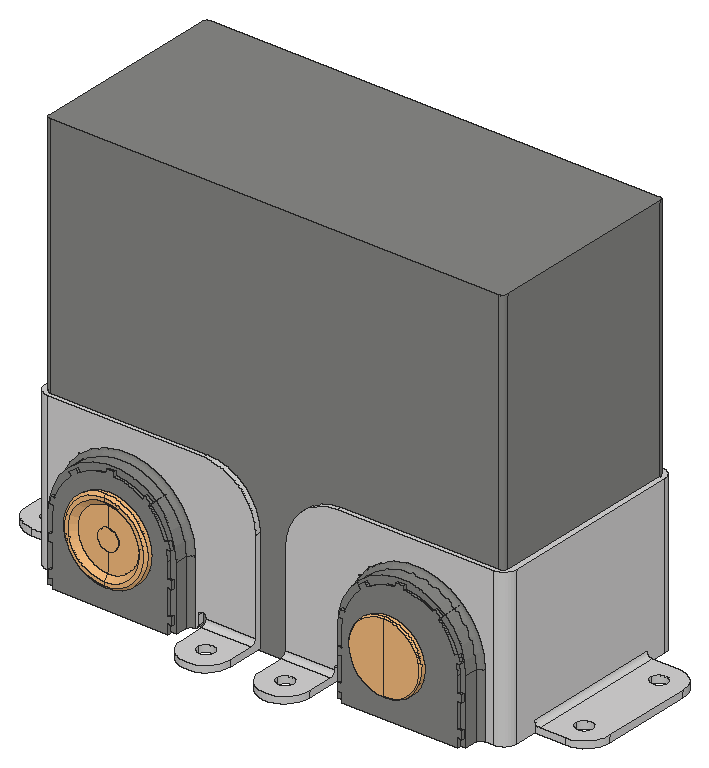
Revit family "Valve-One_Outlet_Thermostatic-KOHLER-26339W_1", category Plumbing Fixtures, host Face, Revit 2017
Family settings
  Host = Face
  Round Connector Dimension = Use Diameter
  Part Type = Normal
  OmniClass Number = 23.27.31.00
  OmniClass Title = Valves
  Cut with Voids When Loaded = No
  Shared = No
  Room Calculation Point = No
Parameters (values of type "NA-Not Applicable")
  Width = 8 215/256"  # constant formula
  WaterSense Certified = 1 = 0  # no
  Waste Connection = 1 = 0  # no
  Vent Connection = 1 = 0  # no
  Tempered Water Outlet Down [instance] = not(Tempered Water Outlet Up)  # no
  Tempered Water Outlet = "Tempered Water Outlet"  # constant formula
  URL = "https://www.kohler.co.uk/"
  Type = 1
  Product Page URL = ""
  Product Name = ""
  Product Documentation Link = ""
  Pressure = 0.00 psi
  Model = "26339W-NA"  # constant formula
  Material = "Plastic"  # constant formula
  Master Format 2014 Name = "Control Valves"  # constant formula
  Master Format 2014 = "23 09 13.33"  # constant formula
  Manufacturer Address = "Cromwell Road, Cheltenham, Gloucestershire. GL52 5EP Registered in England No. 252115\r\n"  # constant formula
  Manufacturer = "KOHLER Co."  # constant formula
  Length = 6 13/128"  # constant formula
  Hot Water Inlet = "Hot Water Inlet"  # constant formula
  Height = 4 113/128"  # constant formula
  HW Connection = 1 = 1  # yes
  Tempered Water Outlet Up [instance] = yes
  Flow Rate = 1.75 GPM  # constant formula
  Finish = Kohler-Plastic-58-Thunder_Grey
  Environmental Product Declaration = ""
  Description = "Recessed thermostatic valve-1-outlet"  # constant formula
  Default Elevation = 42"
  Declare Label = ""
  Date Modified = "02/12/2021"  # constant formula
  Date Created = "02/12/2021"  # constant formula
  Copyright = "Copyright KOHLER Co."  # constant formula
  Contact Us = "https://www.kohler.co.uk/support/contact/"
  Cold Water Inlet = "Cold Water Inlet"  # constant formula
  CW Connection = 1 = 1  # yes
  Assembly Code = "D2020"
  ADA Compliant = 1 = 0  # no
Reference planes (in)
  plane 1 "Center (Front/Back)": y = 0
  plane 2: z = 0
  plane 3 "Center (Left/Right)": x = 0
  plane 4: x = -4.41929
  plane 5: x = 4.42055
  plane 6: y = 2.44094
  plane 7: y = -2.44188
  plane 8: x = -2.20961
  plane 9: x = 2.01772
  plane 10: y = 1.98819
  plane 11: y = -1.98819
  plane 12: z = -5.21654
  plane 13: z = -5.11811
  plane 14: z = -6.10156
  plane 15: y = 2.06693
  plane 16: y = -2.06693
  plane 17: y = 0.70866
  plane 18: y = -0.70866
  plane 19: x = -0.59055
  plane 20: x = 0.59055
  plane 21: x = -4.03543
  plane 22: x = 4.03543
Forms (in)
  Extrusion 1, void
    sketch origin (0, 0, 0) x (1, 0, 0) y (0, 1, 0)
      loop
        line (-3.57283, -1.59449) -> (3.57283, -1.59449) -> (3.57283, 1.59449) -> (-3.57283, 1.59449) -> (-3.57283, -1.59449)
    from -6.10236 to 0.83394
  Extrusion 2, void
    sketch origin (0, 0, 0) x (1, 0, 0) y (0, 1, 0)
      loop
        line (-4.41929, 2.44094) -> (-4.41929, -2.44094) -> (4.41929, -2.44094) -> (4.41929, 2.44094) -> (-4.41929, 2.44094)
    from -6.10236 to -3.72047
Dimensions and locks (in)
  plane 8 to plane 9 = 4.22733"
  "Length": level to plane 14
  locked: plane 13 to plane 14 at 0.98345
  locked: plane 12 to plane 14 at 0.88503
  "Width": plane 4 to plane 5
  "Height": plane 6 to plane 7
  plane 15 to plane 16 = 4.13386"
  locked: plane 17 to plane 18 at 1.41732
  locked: plane 20 to plane 19 at 1.1811
  locked: plane 22 to plane 21 at 8.07087
  aligned and locked: plane 2 to host face
  aligned and locked: level to host face
Automatic sketch dimensions
  host sketch curve to host sketch curve = 96"  (x2)
  Extrusion 1 sketch curve to plane 4 = 0.84646"
  plane 10 to Extrusion 1 sketch curve = 0.3937"
  plane 11 to Extrusion 1 sketch curve = 0.3937"
  Extrusion 1 sketch curve to plane 5 = 0.84772"
  plane 6 to Extrusion 2 sketch curve = 0"
  plane 7 to Extrusion 2 sketch curve = 0.00094"
  Extrusion 2 sketch curve to plane 4 = 0"
  Extrusion 2 sketch curve to plane 5 = 0.00126"
Nested families (in)
  nested 1: "26339W" at (0, 0, -6.10236), type "26339W"
Connectors (in)
  piping at (-2.20961, 1.90938, -5.11811), diameter 0.75, driven by "Flow Rate", driven by "HW Connection", driven by "Hot Water Inlet"
    settings: on nested 1, index 1, connector inside diameter 24", connector length 0", flow factor 0, pipe flow 1.75 GPM, pressure drop 0.00 psi, fitting loss kfactor 0, connector angle 0.00°, fixture units 0, engagement length 0", angle of deflection 0.00°, flow configuration 1, flow direction 1, fitting loss method 0, system type 19, joint type 0, gender type 0, connector reference index -1, connector utility 1, adjustable connector no, is connector primary yes, connector description "Hot Water Inlet"
  piping at (-2.20961, -1.90938, -5.11811), diameter 0.75, driven by "Flow Rate", driven by "CW Connection", driven by "Cold Water Inlet"
    settings: on nested 1, index 2, connector inside diameter 24", connector length 0", flow factor 0, pipe flow 1.75 GPM, pressure drop 0.00 psi, fitting loss kfactor 0, connector angle 0.00°, fixture units 0, engagement length 0", angle of deflection 0.00°, flow configuration 1, flow direction 1, fitting loss method 0, system type 20, joint type 0, gender type 0, connector reference index -1, connector utility 1, adjustable connector no, is connector primary no, connector description "Cold Water Inlet"
  piping at (2.01772, 1.9685, -5.21654), diameter 0.5, driven by "Flow Rate", driven by "HW Connection", driven by "Tempered Water Outlet"
    settings: on nested 1, index 3, connector inside diameter 24", connector length 0", flow factor 0, pipe flow 1.75 GPM, pressure drop 0.00 psi, fitting loss kfactor 0, connector angle 0.00°, fixture units 0, engagement length 0", angle of deflection 0.00°, flow configuration 1, flow direction 2, fitting loss method 0, system type 19, joint type 0, gender type 0, connector reference index -1, connector utility 1, adjustable connector no, is connector primary no, connector description "Tempered Water Outlet"
Definition of nested family "26339W"
  Parameters (values of type "K-26339")
    Top Connector1 = yes
    Material = none
    Down Connector1 = not(Top Connector1)  # no
    Connector distance = if(Top Connector1, 0", 3.18898")  # 0"
    C1 Angel = if(Top Connector1, 180.00°, 0.00°)  # 180.00°
  Reference planes (in)
    plane 1 "Center (Front/Back)": y = 0
    plane 2: z = 0
    plane 3 "Center (Left/Right)": x = 0
    plane 4: x = -4.41929
    plane 5: x = 4.41929
    plane 6: y = 2.44094
    plane 7: y = -2.44094
    plane 8: z = 6.10236
    plane 9 "2": x = 2.01772
    plane 10 "1": x = -2.20961
    plane 11: z = 0.98425
    plane 12 "A": z = 0.88583
    plane 13: y = 1.98819
    plane 14: y = -1.98819
    plane 15: y = 0.70866
    plane 16: y = -0.70866
    plane 17: x = -0.60039
    plane 18: x = 0.60039
    plane 19: y = 1.59449
    plane 20: y = -1.59449
    plane 21 "C1": y = 1.59449
    plane 22: z = 0
  Forms (in)
    Extrusion 1, solid, material <- "Material", detail levels medium+fine
      sketch origin (0, 0, 0) x (1, 0, 0) y (0, 1, 0)
        loop
          line (3.39567, 1.51575) -> (-3.39567, 1.51575)
          arc (-3.39567, 1.51575) -> (-3.45135, 1.49269) -> (-3.47441, 1.43701) r 0.07874
          line (-3.47441, 1.43701) -> (-3.47441, -1.43701)
          arc (-3.47441, -1.43701) -> (-3.45135, -1.49269) -> (-3.39567, -1.51575) r 0.07874
          line (-3.39567, -1.51575) -> (3.39567, -1.51575)
          arc (3.39567, -1.51575) -> (3.45135, -1.49269) -> (3.47441, -1.43701) r 0.07874
          line (3.47441, -1.43701) -> (3.47441, 1.43701)
          arc (3.47441, 1.43701) -> (3.45135, 1.49269) -> (3.39567, 1.51575) r 0.07874
      from 0 to 6.10236
    Extrusion 2, solid, detail levels medium+fine
      sketch origin (0, 0, 0) x (1, 0, 0) y (0, 0, 1)
        loop
          line (-1.01378, 2.38189) -> (-3.57283, 2.38189) -> (-3.57283, 0.01969) -> (-1.1437, 0.01969)
          arc (-1.1437, 0.01969) -> (-1.10751, 0.03468) -> (-1.09252, 0.07087) r 0.05118
          line (-1.09252, 0.07087) -> (-1.09252, 0.2165)
          arc (-1.09252, 0.2165) -> (-1.03346, 0.27556) -> (-0.97441, 0.2165) r 0.05906
          line (-0.97441, 0.2165) -> (-0.97441, 0.01969) -> (-0.22638, 0.01969) -> (-0.22638, 1.59449)
          arc (-0.22638, 1.59449) -> (-0.457, 2.15127) -> (-1.01378, 2.38189) r 0.7874
        loop
          arc (1.01378, 2.38189) -> (0.457, 2.15127) -> (0.22638, 1.59449) r 0.7874
          line (0.22638, 1.59449) -> (0.22638, 0.01969) -> (0.97441, 0.01969) -> (0.97441, 0.2165)
          arc (0.97441, 0.2165) -> (1.03346, 0.27556) -> (1.09252, 0.2165) r 0.05906
          line (1.09252, 0.2165) -> (1.09252, 0.07087)
          arc (1.09252, 0.07087) -> (1.10751, 0.03468) -> (1.1437, 0.01969) r 0.05118
          line (1.1437, 0.01969) -> (3.57283, 0.01969) -> (3.57283, 2.38189) -> (1.01378, 2.38189)
      from -1.59449 to 1.59449
    Sweep 3, void
      path in 3D
        loop
          line (-3.57283, -1.59449, 2.38189) -> (-3.57283, -1.59449, 0.01969)
      profile origin (-3.57283, -1.59449, 1.20079) x (-1, 0, 0) y (0, -1, 0)
        loop
          line (0, -0.19685) -> (0, 0) -> (-0.19685, 0)
          arc (-0.19685, 0) -> (-0.05766, -0.05766) -> (0, -0.19685) r 0.19685
    Sweep 4, void
      path in 3D
        loop
          line (-3.57283, 1.59449, 2.38189) -> (-3.57283, 1.59449, 0.01969)
      profile origin (-3.57283, 1.59449, 1.20079) x (-1, 0, 0) y (0, -1, 0)
        loop
          arc (0, 0.19685) -> (-0.05766, 0.05766) -> (-0.19685, 0) r 0.19685
          line (-0.19685, 0) -> (0, 0) -> (0, 0.19685)
    Sweep 5, void
      path in 3D
        loop
          line (3.57283, -1.59449, 2.38189) -> (3.57283, -1.59449, 0.01969)
      profile origin (3.57283, -1.59449, 1.20079) x (1, 0, 0) y (0, 1, 0)
        loop
          arc (0, 0.19685) -> (-0.05766, 0.05766) -> (-0.19685, 0) r 0.19685
          line (-0.19685, 0) -> (0, 0) -> (0, 0.19685)
    Sweep 6, void
      path in 3D
        loop
          line (3.57283, 1.59449, 2.38189) -> (3.57283, 1.59449, 0.01969)
      profile origin (3.57283, 1.59449, 1.20079) x (1, 0, 0) y (0, 1, 0)
        loop
          line (0, -0.19685) -> (0, 0) -> (-0.19685, 0)
          arc (-0.19685, 0) -> (-0.05766, -0.05766) -> (0, -0.19685) r 0.19685
    Extrusion 7, solid, detail levels medium+fine
      sketch origin (0, 0, 0) x (1, 0, 0) y (0, 1, 0)
        loop
          line (-3.57283, 1.06299) -> (-4.04528, 1.06299)
          arc (-4.04528, 1.06299) -> (-4.30974, 0.95345) -> (-4.41929, 0.68898) r 0.37402
          line (-4.41929, 0.68898) -> (-4.41929, -0.68898)
          arc (-4.41929, -0.68898) -> (-4.30974, -0.95345) -> (-4.04528, -1.06299) r 0.37402
          line (-4.04528, -1.06299) -> (-3.57283, -1.06299) -> (-3.57283, 1.06299)
        loop
          line (3.57283, 1.06299) -> (3.57283, -1.06299) -> (4.04528, -1.06299)
          arc (4.04528, -1.06299) -> (4.30974, -0.95345) -> (4.41929, -0.68898) r 0.37402
          line (4.41929, -0.68898) -> (4.41929, 0.68898)
          arc (4.41929, 0.68898) -> (4.30974, 0.95345) -> (4.04528, 1.06299) r 0.37402
          line (4.04528, 1.06299) -> (3.57283, 1.06299)
        loop
          circle (-4.04528, 0.70866) r 0.12598
        loop
          circle (-4.04528, -0.70866) r 0.12598
        loop
          circle (4.04528, 0.70866) r 0.12598
        loop
          circle (4.04528, -0.70866) r 0.12598
        loop
          arc (-0.9744, -2.06693) -> (-0.60039, -2.44094) -> (-0.22639, -2.06693) r 0.37401
          line (-0.22639, -2.06693) -> (-0.22639, -1.59449) -> (-0.9744, -1.59449) -> (-0.9744, -2.06693)
        loop
          line (0.9744, -2.06693) -> (0.9744, -1.59449) -> (0.22639, -1.59449) -> (0.22639, -2.06693)
          arc (0.22639, -2.06693) -> (0.60039, -2.44094) -> (0.9744, -2.06693) r 0.37401
        loop
          line (-0.9744, 2.06693) -> (-0.9744, 1.59449) -> (-0.22639, 1.59449) -> (-0.22639, 2.06693)
          arc (-0.22639, 2.06693) -> (-0.60039, 2.44094) -> (-0.9744, 2.06693) r 0.37401
        loop
          arc (0.9744, 2.06693) -> (0.60039, 2.44094) -> (0.22639, 2.06693) r 0.37401
          line (0.22639, 2.06693) -> (0.22639, 1.59449) -> (0.9744, 1.59449) -> (0.9744, 2.06693)
        loop
          circle (-0.60039, -2.06693) r 0.12598
        loop
          circle (0.60039, -2.06693) r 0.12598
        loop
          circle (-0.60039, 2.06693) r 0.12598
        loop
          circle (0.60039, 2.06693) r 0.12598
      from 0.01969 to 0.11811
    Extrusion 8, solid, material <- "Material", detail levels medium+fine
      sketch origin (0, 0, 0) x (1, 0, 0) y (0, 0, 1)
        loop
          line (-1.22047, 0.01969) -> (-1.22047, 0.98689)
          arc (-1.22047, 0.98689) -> (-2.19488, 1.9613) -> (-3.16929, 0.98689) r 0.97441
          line (-3.16929, 0.98689) -> (-3.16929, 0.01969) -> (-1.22047, 0.01969)
        loop
          line (1.22047, 0.99085) -> (1.22047, 0.01969) -> (3.16929, 0.01969) -> (3.16929, 0.99085)
          arc (3.16929, 0.99085) -> (2.19488, 1.96526) -> (1.22047, 0.99085) r 0.97441
      from -1.85039 to 1.85039
    Extrusion 9, solid, material <- "Material", detail levels medium+fine
      sketch origin (0, 0, 0) x (1, 0, 0) y (0, 0, 1)
        loop
          line (-3.07087, 0.62992) -> (-3.07087, 0.25591) -> (-3.12992, 0.25591) -> (-3.12992, 0.1378) -> (-3.07087, 0.1378) -> (-3.07087, 0) -> (-1.3189, 0) -> (-1.3189, 0.1378) -> (-1.25984, 0.1378) -> (-1.25984, 0.25591) -> (-1.3189, 0.25591) -> (-1.3189, 0.62992) -> (-1.25984, 0.62992) -> (-1.25984, 0.74803) -> (-1.3189, 0.74803) -> (-1.3189, 0.98425)
          arc (-1.3189, 0.98425) -> (-1.32232, 1.06162) -> (-1.33257, 1.13839) r 0.87598
          line (-1.33257, 1.13839) -> (-1.27514, 1.15271) -> (-1.30372, 1.26731) -> (-1.36114, 1.25299)
          arc (-1.36114, 1.25299) -> (-1.46022, 1.46135) -> (-1.61026, 1.63661) r 0.87598
          line (-1.61026, 1.63661) -> (-1.57383, 1.68324) -> (-1.6669, 1.75596) -> (-1.70334, 1.70932)
          arc (-1.70334, 1.70932) -> (-1.90969, 1.81251) -> (-2.13583, 1.85824) r 0.87598
          line (-2.13583, 1.85824) -> (-2.13583, 1.91742) -> (-2.25394, 1.91742) -> (-2.25394, 1.85824)
          arc (-2.25394, 1.85824) -> (-2.48007, 1.81251) -> (-2.68643, 1.70932) r 0.87598
          line (-2.68643, 1.70932) -> (-2.72286, 1.75596) -> (-2.81594, 1.68324) -> (-2.7795, 1.63661)
          arc (-2.7795, 1.63661) -> (-2.92954, 1.46135) -> (-3.02863, 1.25299) r 0.87598
          line (-3.02863, 1.25299) -> (-3.08605, 1.26731) -> (-3.11462, 1.15271) -> (-3.0572, 1.13839)
          arc (-3.0572, 1.13839) -> (-3.06744, 1.06162) -> (-3.07087, 0.98425) r 0.87598
          line (-3.07087, 0.98425) -> (-3.07087, 0.74803) -> (-3.12992, 0.74803) -> (-3.12992, 0.62992) -> (-3.07087, 0.62992)
        loop
          line (1.3189, 0.62992) -> (1.3189, 0.25591) -> (1.25984, 0.25591) -> (1.25984, 0.1378) -> (1.3189, 0.1378) -> (1.3189, 0) -> (3.07087, 0) -> (3.07087, 0.1378) -> (3.12992, 0.1378) -> (3.12992, 0.25591) -> (3.07087, 0.25591) -> (3.07087, 0.62992) -> (3.12992, 0.62992) -> (3.12992, 0.74803) -> (3.07087, 0.74803) -> (3.07087, 0.98425)
          arc (3.07087, 0.98425) -> (3.06744, 1.06162) -> (3.0572, 1.13839) r 0.87598
          line (3.0572, 1.13839) -> (3.11462, 1.15271) -> (3.08605, 1.26731) -> (3.02863, 1.25299)
          arc (3.02863, 1.25299) -> (2.92954, 1.46135) -> (2.7795, 1.63661) r 0.87598
          line (2.7795, 1.63661) -> (2.81594, 1.68324) -> (2.72286, 1.75596) -> (2.68643, 1.70932)
          arc (2.68643, 1.70932) -> (2.48007, 1.81251) -> (2.25394, 1.85824) r 0.87598
          line (2.25394, 1.85824) -> (2.25394, 1.91742) -> (2.13583, 1.91742) -> (2.13583, 1.85824)
          arc (2.13583, 1.85824) -> (1.90969, 1.81251) -> (1.70334, 1.70932) r 0.87598
          line (1.70334, 1.70932) -> (1.6669, 1.75596) -> (1.57383, 1.68324) -> (1.61026, 1.63661)
          arc (1.61026, 1.63661) -> (1.46022, 1.46135) -> (1.36114, 1.25299) r 0.87598
          line (1.36114, 1.25299) -> (1.30372, 1.26731) -> (1.27514, 1.15271) -> (1.33257, 1.13839)
          arc (1.33257, 1.13839) -> (1.32232, 1.06162) -> (1.3189, 0.98425) r 0.87598
          line (1.3189, 0.98425) -> (1.3189, 0.74803) -> (1.25984, 0.74803) -> (1.25984, 0.62992) -> (1.3189, 0.62992)
        loop
          circle (-2.20961, 0.98425) r 0.54335
        loop
          circle (2.01772, 0.88583) r 0.41841
      from -1.92913 to 1.88976
    Revolve 10, solid, detail levels medium+fine
      sketch origin (-2.20961, 0, 0) x (0, 0, 1) y (0, -1, 0)
        loop
          line (1.5276, -1.98819) -> (1.58464, -1.98819) -> (1.62406, -1.94877) -> (1.62406, -1.51575) -> (0.98425, -1.51575) -> (0.98425, -1.90938) -> (1.44879, -1.90938) -> (1.5276, -1.98819)
        loop
          line (1.5276, 1.98819) -> (1.44879, 1.90938) -> (0.98425, 1.90938) -> (0.98425, 1.51575) -> (1.62406, 1.51575) -> (1.62406, 1.94877) -> (1.58464, 1.98819) -> (1.5276, 1.98819)
        axis (0.98425, -1.98819) -> (0.98425, 1.98819)
      angle from 0 to 360
    Revolve 11, solid, detail levels medium+fine
      sketch origin (2.01772, 0, 0) x (0, 0, -1) y (0, -1, 0)
        loop
          line (-1.43701, 1.94331) -> (-1.43701, 1.61417) -> (-0.88583, 1.61417) -> (-0.88583, 1.9685) -> (-1.41732, 1.9685) -> (-1.43701, 1.94331)
        loop
          line (-1.43701, -1.94331) -> (-1.41732, -1.9685) -> (-0.88583, -1.9685) -> (-0.88583, -1.61417) -> (-1.43701, -1.61417) -> (-1.43701, -1.94331)
        axis (-0.88583, 1.9685) -> (-0.88583, -1.9685)
      angle from 0 to 360
    Sweep 12, solid, material <- "Material", detail levels medium+fine
      path in 3D
        loop
          line (1.22047, -1.59449, 0.01969) -> (1.22047, -1.59449, 0.99085)
          arc (1.22047, -1.59449, 0.99085) -> (2.19488, -1.59449, 1.96526) -> (3.16929, -1.59449, 0.99085) r 0.97441
          line (3.16929, -1.59449, 0.99085) -> (3.16929, -1.59449, 0.01969)
      profile origin (1.22047, -1.59449, 0.50527) x (0, 1, 0) y (-1, 0, 0)
        loop
          line (-0.07874, 0) -> (0, 0) -> (0, 0.07874)
          arc (0, 0.07874) -> (-0.02306, 0.02306) -> (-0.07874, 0) r 0.07874
    Sweep 13, solid, material <- "Material", detail levels medium+fine
      path in 3D
        loop
          line (1.22047, 1.59449, 0.01969) -> (1.22047, 1.59449, 0.99085)
          arc (1.22047, 1.59449, 0.99085) -> (2.19488, 1.59449, 1.96526) -> (3.16929, 1.59449, 0.99085) r 0.97441
          line (3.16929, 1.59449, 0.99085) -> (3.16929, 1.59449, 0.01969)
      profile origin (1.22047, 1.59449, 0.50527) x (0, 1, 0) y (-1, 0, 0)
        loop
          arc (0.07874, 0) -> (0.02306, 0.02306) -> (0, 0.07874) r 0.07874
          line (0, 0.07874) -> (0, 0) -> (0.07874, 0)
    Sweep 14, solid, material <- "Material", detail levels medium+fine
      path in 3D
        loop
          line (-3.16929, -1.59449, 0.01969) -> (-3.16929, -1.59449, 0.99085)
          arc (-3.16929, -1.59449, 0.99085) -> (-2.19488, -1.59449, 1.96526) -> (-1.22047, -1.59449, 0.99085) r 0.97441
          line (-1.22047, -1.59449, 0.99085) -> (-1.22047, -1.59449, 0.01969)
      profile origin (-3.16929, -1.59449, 0.50527) x (0, 1, 0) y (-1, 0, 0)
        loop
          line (-0.07874, 0) -> (0, 0) -> (0, 0.07874)
          arc (0, 0.07874) -> (-0.02306, 0.02306) -> (-0.07874, 0) r 0.07874
    Sweep 15, solid, material <- "Material", detail levels medium+fine
      path in 3D
        loop
          line (-3.16929, 1.59449, 0.01969) -> (-3.16929, 1.59449, 0.99085)
          arc (-3.16929, 1.59449, 0.99085) -> (-2.19488, 1.59449, 1.96526) -> (-1.22047, 1.59449, 0.99085) r 0.97441
          line (-1.22047, 1.59449, 0.99085) -> (-1.22047, 1.59449, 0.01969)
      profile origin (-3.16929, 1.59449, 0.50527) x (0, 1, 0) y (-1, 0, 0)
        loop
          arc (0.07874, 0) -> (0.02306, 0.02306) -> (0, 0.07874) r 0.07874
          line (0, 0.07874) -> (0, 0) -> (0.07874, 0)
    Extrusion 16, void
      sketch origin (0, 0, 0) x (1, 0, 0) y (0, 1, 0)
        loop
          line (3.39567, 1.51575) -> (-3.39567, 1.51575)
          arc (-3.39567, 1.51575) -> (-3.45135, 1.49269) -> (-3.47441, 1.43701) r 0.07874
          line (-3.47441, 1.43701) -> (-3.47441, -1.43701)
          arc (-3.47441, -1.43701) -> (-3.45135, -1.49269) -> (-3.39567, -1.51575) r 0.07874
          line (-3.39567, -1.51575) -> (3.39567, -1.51575)
          arc (3.39567, -1.51575) -> (3.45135, -1.49269) -> (3.47441, -1.43701) r 0.07874
          line (3.47441, -1.43701) -> (3.47441, 1.43701)
          arc (3.47441, 1.43701) -> (3.45135, 1.49269) -> (3.39567, 1.51575) r 0.07874
      from -0.47445 to 7.6998
    Extrusion 17, solid, detail levels medium+fine
      sketch origin (0, 0, 0) x (1, 0, 0) y (0, 0, 1)
        loop
          line (-3.57283, 0.11811) -> (-3.57283, 0.19685)
          arc (-3.57283, 0.19685) -> (-3.5959, 0.14117) -> (-3.65157, 0.11811) r 0.07874
          line (-3.65157, 0.11811) -> (-3.57283, 0.11811)
        loop
          line (3.57283, 0.11811) -> (3.65157, 0.11811)
          arc (3.65157, 0.11811) -> (3.5959, 0.14117) -> (3.57283, 0.19685) r 0.07874
          line (3.57283, 0.19685) -> (3.57283, 0.11811)
      from -1.06299 to 1.06299
    Extrusion 18, solid, detail levels medium+fine
      sketch origin (0, 0, 0) x (0, 1, 0) y (0, 0, 1)
        loop
          line (-1.67323, 0.11811) -> (-1.59449, 0.11811) -> (-1.59449, 0.19685)
          arc (-1.59449, 0.19685) -> (-1.61755, 0.14117) -> (-1.67323, 0.11811) r 0.07874
        loop
          arc (1.67323, 0.11811) -> (1.61755, 0.14117) -> (1.59449, 0.19685) r 0.07874
          line (1.59449, 0.19685) -> (1.59449, 0.11811) -> (1.67323, 0.11811)
      from 0.22638 to 0.97441
    Extrusion 19, solid, detail levels medium+fine
      sketch origin (0, 0, 0) x (0, 1, 0) y (0, 0, 1)
        loop
          line (-1.67323, 0.11811) -> (-1.59449, 0.11811) -> (-1.59449, 0.19685)
          arc (-1.59449, 0.19685) -> (-1.61755, 0.14117) -> (-1.67323, 0.11811) r 0.07874
        loop
          arc (1.67323, 0.11811) -> (1.61755, 0.14117) -> (1.59449, 0.19685) r 0.07874
          line (1.59449, 0.19685) -> (1.59449, 0.11811) -> (1.67323, 0.11811)
      from -0.97441 to -0.22638
    Extrusion 20, solid, material <- "Material", detail levels coarse
      sketch origin (0, 0, 0) x (1, 0, 0) y (0, 1, 0)
        loop
          line (3.47441, 1.51575) -> (-3.47441, 1.51575) -> (-3.47441, -1.51575) -> (3.47441, -1.51575) -> (3.47441, 1.51575)
      from 0 to 6.10236
    Extrusion 21, solid, material <- "Material", detail levels coarse
      sketch origin (0, 0, 0) x (1, 0, 0) y (0, 0, 1)
        loop
          line (-1.3189, 0) -> (-1.3189, 0.9897)
          arc (-1.3189, 0.9897) -> (-2.19488, 1.86569) -> (-3.07087, 0.9897) r 0.87598
          line (-3.07087, 0.9897) -> (-3.07087, 0) -> (-1.3189, 0)
        loop
          line (3.07087, 0) -> (3.07087, 0.9897)
          arc (3.07087, 0.9897) -> (2.19488, 1.86569) -> (1.3189, 0.9897) r 0.87598
          line (1.3189, 0.9897) -> (1.3189, 0) -> (3.07087, 0)
      from -1.92913 to 1.88976
    Extrusion 22, solid, detail levels coarse
      sketch origin (0, 0, 0) x (1, 0, 0) y (0, 1, 0)
        loop
          line (3.57283, 1.59449) -> (0.22638, 1.59449) -> (0.22638, 1.51575) -> (3.47441, 1.51575) -> (3.47441, -1.51575) -> (0.22638, -1.51575) -> (0.22638, -1.59449) -> (3.57283, -1.59449) -> (3.57283, 1.59449)
        loop
          line (-3.57283, 1.59449) -> (-3.57283, -1.59449) -> (-0.22638, -1.59449) -> (-0.22638, -1.51575) -> (-3.47441, -1.51575) -> (-3.47441, 1.51575) -> (-0.22638, 1.51575) -> (-0.22638, 1.59449) -> (-3.57283, 1.59449)
      from 0 to 2.38189
    Extrusion 23, solid, detail levels coarse
      sketch origin (0, 0, 0) x (1, 0, 0) y (0, 1, 0)
        loop
          line (-4.41929, -1.06299) -> (-3.57283, -1.06299) -> (-3.57283, 1.06299) -> (-4.41929, 1.06299) -> (-4.41929, -1.06299)
        loop
          line (-0.97441, 1.59449) -> (-0.22638, 1.59449) -> (-0.22638, 2.44094) -> (-0.97441, 2.44094) -> (-0.97441, 1.59449)
        loop
          line (0.22638, 1.59449) -> (0.9744, 1.59449) -> (0.9744, 2.44094) -> (0.22638, 2.44094) -> (0.22638, 1.59449)
        loop
          line (-0.97441, -1.59449) -> (-0.97441, -2.44094) -> (-0.22638, -2.44094) -> (-0.22638, -1.59449) -> (-0.97441, -1.59449)
        loop
          line (0.22638, -1.59449) -> (0.22638, -2.44094) -> (0.9744, -2.44094) -> (0.9744, -1.59449) -> (0.22638, -1.59449)
        loop
          line (4.41929, -1.06299) -> (4.41929, 1.06299) -> (3.57283, 1.06299) -> (3.57283, -1.06299) -> (4.41929, -1.06299)
        loop
          circle (-4.04528, 0.70866) r 0.12598
        loop
          circle (-4.04528, -0.70866) r 0.12598
        loop
          circle (-0.60039, 2.06693) r 0.12598
        loop
          circle (0.60039, 2.06693) r 0.12598
        loop
          circle (4.04528, 0.70866) r 0.12598
        loop
          circle (4.04528, -0.70866) r 0.12598
        loop
          circle (-0.60039, -2.06693) r 0.12598
        loop
          circle (0.60039, -2.06693) r 0.12598
      from 0.01969 to 0.11811
    Extrusion 24, solid, detail levels medium+fine
      sketch origin (0, 0, 0) x (1, 0, 0) y (0, 0, 1)
        loop
          circle (-2.20961, 0.98425) r 0.15748
      from -1.90938 to 1.90938
    Extrusion 25, solid, detail levels coarse
      sketch origin (0, 0, 0) x (1, 0, 0) y (0, 0, 1)
        loop
          circle (-2.20961, 0.98425) r 0.63981
        loop
          circle (2.01772, 0.88583) r 0.55118
      from -1.98819 to 1.98819
    Revolve 26, solid, detail levels medium+fine
      sketch origin (2.01772, 1.59449, 0.88583) x (0, 1, 0) y (-1, 0, 0)
        loop
          line (0.37402, 0) -> (0.08362, 0) -> (0.08362, -0.11811) -> (0.37402, -0.11811) -> (0.37402, 0)
        axis (0.37402, 0) -> (0.08362, 0)
      angle from 0 to 360
  Cuts and joins
    Extrusion 16 cuts Extrusion 9
    joined: Extrusion 1, Extrusion 9
    joined: Revolve 10, Revolve 11
    joined: Sweep 12, Sweep 13, Sweep 14, Sweep 15
    Sweep 3, Sweep 4, Sweep 5, Sweep 6, Extrusion 16 cuts Extrusion 2
    joined: Extrusion 2, Extrusion 7, Extrusion 17, Extrusion 18, Extrusion 19
    joined: Extrusion 20, Extrusion 21
    joined: Extrusion 22, Extrusion 23
    Extrusion 16 cuts Extrusion 8
  Lines and regions (in)
    Masking region 1
      outline origin (0, 0, 0) x (1, 0, 0) y (0, 1, 0)
        loop
          line (-3.57283, 1.39764) -> (-3.57283, -0.07023) -> (-3.57283, -1.39764)
          arc (-3.57283, -1.39764) -> (-3.51518, -1.53683) -> (-3.37598, -1.59449) r 0.19685
          line (-3.37598, -1.59449) -> (3.37598, -1.59449)
          arc (3.37598, -1.59449) -> (3.51518, -1.53683) -> (3.57283, -1.39764) r 0.19685
          line (3.57283, -1.39764) -> (3.57283, 0.08348) -> (3.57283, 1.39764)
          arc (3.57283, 1.39764) -> (3.51518, 1.53683) -> (3.37598, 1.59449) r 0.19685
          line (3.37598, 1.59449) -> (0.06398, 1.59449) -> (-3.37598, 1.59449)
          arc (-3.37598, 1.59449) -> (-3.51518, 1.53683) -> (-3.57283, 1.39764) r 0.19685
    Masking region 2, detail levels medium+fine
      outline origin (0, 0, 0) x (1, 0, 0) y (0, 0, 1)
        loop
          line (-3.47441, 6.10236) -> (-3.47441, 2.38189) -> (-3.57283, 2.38189) -> (-3.57283, 0.19685)
          arc (-3.57283, 0.19685) -> (-3.5959, 0.14117) -> (-3.65157, 0.11811) r 0.07874
          line (-3.65157, 0.11811) -> (-4.41929, 0.11811) -> (-4.41929, 0.01969) -> (-3.50053, 0.01969) -> (-3.47441, 0) -> (3.47441, 0) -> (3.50053, 0.01969) -> (4.41929, 0.01969) -> (4.41929, 0.11811) -> (3.65157, 0.11811)
          arc (3.65157, 0.11811) -> (3.5959, 0.14117) -> (3.57283, 0.19685) r 0.07874
          line (3.57283, 0.19685) -> (3.57283, 2.38189) -> (3.47441, 2.38189) -> (3.47441, 6.10236) -> (-3.47441, 6.10236)
    Masking region 3
      outline origin (2.01772, 0, 0) x (0, 0, -1) y (0, -1, 0)
        loop
          line (-6.10236, -1.51575) -> (-2.38189, -1.51575) -> (-2.38189, -1.59449) -> (-2.044, -1.59449)
          arc (-2.044, -1.59449) -> (-1.98832, -1.61755) -> (-1.96526, -1.67323) r 0.07874
          line (-1.96526, -1.67323) -> (-1.96526, -1.85039) -> (-1.91742, -1.85039) -> (-1.91742, -1.92913) -> (-1.64369, -1.92913) -> (-1.58464, -1.98819) -> (-0.38387, -1.98819) -> (-0.35433, -1.9685) -> (-0.32357, -1.92913) -> (-0.11811, -1.92913) -> (-0.11811, -2.44094) -> (-0.01969, -2.44094) -> (-0.01969, -1.95526) -> (0, -1.92913) -> (0, 1.92913) -> (-0.01969, 1.95526) -> (-0.01969, 2.44094) -> (-0.11811, 2.44094) -> (-0.11811, 1.88976) -> (-0.33465, 1.88976) -> (-0.33465, 1.94331) -> (-0.38387, 1.98819) -> (-1.58464, 1.98819) -> (-1.62406, 1.94877) -> (-1.62406, 1.88976) -> (-1.91742, 1.88976) -> (-1.91742, 1.85039) -> (-1.96526, 1.85039) -> (-1.96526, 1.67323)
          arc (-1.96526, 1.67323) -> (-1.98832, 1.61755) -> (-2.044, 1.59449) r 0.07874
          line (-2.044, 1.59449) -> (-2.38189, 1.59449) -> (-2.38189, 1.51575) -> (-6.10236, 1.51575) -> (-6.10236, -1.51575)
    sketch lines
      curve 1: line (-3.57283, -1.59449, 2.38189) -> (-3.57283, -1.59449, 0.01969)
      curve 2: line (-3.57283, 1.59449, 2.38189) -> (-3.57283, 1.59449, 0.01969)
      curve 3: line (3.57283, -1.59449, 2.38189) -> (3.57283, -1.59449, 0.01969)
      curve 4: line (3.57283, 1.59449, 2.38189) -> (3.57283, 1.59449, 0.01969)
      curve 5: line (1.22047, -1.59449, 0.01969) -> (1.22047, -1.59449, 0.99085)
      curve 6: arc (3.16929, -1.59449, 0.99085) -> (2.19488, -1.59449, 1.96526) -> (1.22047, -1.59449, 0.99085) r 0.97441
      curve 7: line (3.16929, -1.59449, 0.99085) -> (3.16929, -1.59449, 0.01969)
      curve 8: line (1.22047, 1.59449, 0.01969) -> (1.22047, 1.59449, 0.99085)
      curve 9: arc (3.16929, 1.59449, 0.99085) -> (2.19488, 1.59449, 1.96526) -> (1.22047, 1.59449, 0.99085) r 0.97441
      curve 10: line (3.16929, 1.59449, 0.99085) -> (3.16929, 1.59449, 0.01969)
      curve 11: line (-3.16929, -1.59449, 0.01969) -> (-3.16929, -1.59449, 0.99085)
      curve 12: arc (-1.22047, -1.59449, 0.99085) -> (-2.19488, -1.59449, 1.96526) -> (-3.16929, -1.59449, 0.99085) r 0.97441
      curve 13: line (-1.22047, -1.59449, 0.99085) -> (-1.22047, -1.59449, 0.01969)
      curve 14: line (-3.16929, 1.59449, 0.01969) -> (-3.16929, 1.59449, 0.99085)
      curve 15: arc (-1.22047, 1.59449, 0.99085) -> (-2.19488, 1.59449, 1.96526) -> (-3.16929, 1.59449, 0.99085) r 0.97441
      curve 16: line (-1.22047, 1.59449, 0.99085) -> (-1.22047, 1.59449, 0.01969)
    symbolic lines, detail levels medium+fine
      curve 17: line (3.39567, 1.51575, 0) -> (-3.39567, 1.51575, 0)
      curve 18: arc (-3.39567, 1.51575, 0) -> (-3.45135, 1.49269, 0) -> (-3.47441, 1.43701, 0) r 0.07874
      curve 19: line (-3.47441, 1.43701, 0) -> (-3.47441, -1.43701, 0)
      curve 20: line (-3.39567, -1.51575, 0) -> (3.39567, -1.51575, 0)
      curve 21: line (3.47441, -1.43701, 0) -> (3.47441, 1.43701, 0)
      curve 22: arc (3.47441, 1.43701, 0) -> (3.45135, 1.49269, 0) -> (3.39567, 1.51575, 0) r 0.07874
      curve 23: line (-0.22638, 1.59449, 0) -> (-3.37598, 1.59449, 0)
      curve 24: line (0.22638, 1.59449, 0) -> (3.37598, 1.59449, 0)
      curve 25: line (3.57283, 1.39764, 0) -> (3.57283, -1.39764, 0)
      curve 26: line (3.37598, -1.59449, 0) -> (0.22638, -1.59449, 0)
      curve 27: line (-3.57283, 1.39764, 0) -> (-3.57283, -1.39764, 0)
      curve 28: line (-1.01378, 0, 2.38189) -> (-3.57283, 0, 2.38189)
      curve 29: arc (-0.22638, 0, 1.59449) -> (-0.457, 0, 2.15127) -> (-1.01378, 0, 2.38189) r 0.7874
      curve 30: line (-0.22638, 0, 0.01969) -> (-0.22638, 0, 1.59449)
      curve 31: arc (-1.09252, 0, 0.2165) -> (-1.03346, 0, 0.27556) -> (-0.97441, 0, 0.2165) r 0.05906
      curve 32: line (-0.97441, 0, 0.2165) -> (-0.97441, 0, 0.01969)
      curve 33: line (-1.09252, 0, 0.07087) -> (-1.09252, 0, 0.2165)
      curve 34: arc (-1.1437, 0, 0.01969) -> (-1.10751, 0, 0.03468) -> (-1.09252, 0, 0.07087) r 0.05118
      curve 35: line (-0.97441, 0, 0.01969) -> (-0.22638, 0, 0.01969)
      curve 36: line (-0.22638, 0, 0.11811) -> (-0.97441, 0, 0.11811)
      curve 37: line (-1.1437, 0, 0.01969) -> (-1.3189, 0, 0.01969)
      curve 38: line (-3.07087, 0, 0.01969) -> (-3.89598, 0, 0.01969)
      curve 39: arc (-2.20961, 0, 0.51971) -> (-2.67415, 0, 0.98425) -> (-2.20961, 0, 1.44879) r 0.46454
      curve 40: arc (-2.20961, 0, 0.4409) -> (-2.75296, 0, 0.98425) -> (-2.20961, 0, 1.5276) r 0.54335
      curve 41: arc (-2.20961, 0, 1.58464) -> (-2.81, 0, 0.98425) -> (-2.20961, 0, 0.38387) r 0.60038
      curve 42: arc (-2.20961, 0, 1.62406) -> (-2.84942, 0, 0.98425) -> (-2.20961, 0, 0.34445) r 0.63981
      curve 43: arc (-2.20961, 0, 0.34445) -> (-1.56981, 0, 0.98425) -> (-2.20961, 0, 1.62406) r 0.63981
      curve 44: arc (-2.20961, 0, 0.38387) -> (-1.60923, 0, 0.98425) -> (-2.20961, 0, 1.58464) r 0.60038
      curve 45: arc (-2.20961, 0, 1.5276) -> (-1.66627, 0, 0.98425) -> (-2.20961, 0, 0.4409) r 0.54335
      curve 46: arc (-2.20961, 0, 1.44879) -> (-1.74508, 0, 0.98425) -> (-2.20961, 0, 0.51971) r 0.46454
      curve 47: line (-3.07087, 0, 0.1378) -> (-3.07087, 0, 0)
      curve 48: line (-3.12992, 0, 0.1378) -> (-3.07087, 0, 0.1378)
      curve 49: line (-3.12992, 0, 0.25591) -> (-3.12992, 0, 0.1378)
      curve 50: line (-3.07087, 0, 0.25591) -> (-3.12992, 0, 0.25591)
      curve 51: line (-3.07087, 0, 0.62992) -> (-3.07087, 0, 0.25591)
      curve 52: line (-3.12992, 0, 0.62992) -> (-3.07087, 0, 0.62992)
      curve 53: line (-3.12992, 0, 0.74803) -> (-3.12992, 0, 0.62992)
      curve 54: line (-3.07087, 0, 0.74803) -> (-3.12992, 0, 0.74803)
      curve 55: line (-3.07087, 0, 0.98425) -> (-3.07087, 0, 0.74803)
      curve 56: arc (-3.0572, 0, 1.13839) -> (-3.06744, 0, 1.06162) -> (-3.07087, 0, 0.98425) r 0.87598
      curve 57: line (-3.08605, 0, 1.26731) -> (-3.11462, 0, 1.15271)
      curve 58: line (-3.02863, 0, 1.25299) -> (-3.08605, 0, 1.26731)
      curve 59: line (-3.11462, 0, 1.15271) -> (-3.0572, 0, 1.13839)
      curve 60: arc (-2.7795, 0, 1.63661) -> (-2.92954, 0, 1.46135) -> (-3.02863, 0, 1.25299) r 0.87598
      curve 61: line (-2.81594, 0, 1.68324) -> (-2.7795, 0, 1.63661)
      curve 62: line (-2.72286, 0, 1.75596) -> (-2.81594, 0, 1.68324)
      curve 63: line (-2.68643, 0, 1.70932) -> (-2.72286, 0, 1.75596)
      curve 64: arc (-2.25394, 0, 1.85824) -> (-2.48007, 0, 1.81251) -> (-2.68643, 0, 1.70932) r 0.87598
      curve 65: line (-2.25394, 0, 1.91742) -> (-2.25394, 0, 1.85824)
      curve 66: line (-2.13583, 0, 1.91742) -> (-2.25394, 0, 1.91742)
      curve 67: line (-2.13583, 0, 1.85824) -> (-2.13583, 0, 1.91742)
      curve 68: arc (-1.70334, 0, 1.70932) -> (-1.90969, 0, 1.81251) -> (-2.13583, 0, 1.85824) r 0.87598
      curve 69: line (-1.57383, 0, 1.68324) -> (-1.6669, 0, 1.75596)
      curve 70: line (-1.6669, 0, 1.75596) -> (-1.70334, 0, 1.70932)
      curve 71: line (-1.61026, 0, 1.63661) -> (-1.57383, 0, 1.68324)
      curve 72: arc (-1.36114, 0, 1.25299) -> (-1.46022, 0, 1.46135) -> (-1.61026, 0, 1.63661) r 0.87598
      curve 73: line (-1.33257, 0, 1.13839) -> (-1.27514, 0, 1.15271)
      curve 74: line (-1.27514, 0, 1.15271) -> (-1.30372, 0, 1.26731)
      curve 75: line (-1.30372, 0, 1.26731) -> (-1.36114, 0, 1.25299)
      curve 76: arc (-1.3189, 0, 0.98425) -> (-1.32232, 0, 1.06162) -> (-1.33257, 0, 1.13839) r 0.87598
      curve 77: line (-3.16929, 0, 0.98689) -> (-3.16929, 0, 0.01969)
      curve 78: line (-3.24803, 0, 0.99085) -> (-3.24803, 0, 0.01969)
      curve 79: arc (-3.24803, 0, 0.99085) -> (-2.19488, 0, 2.044) -> (-1.14173, 0, 0.99085) r 1.05315
      curve 80: arc (-1.22047, 0, 0.98689) -> (-2.19488, 0, 1.9613) -> (-3.16929, 0, 0.98689) r 0.97441
      curve 81: line (-3.57283, 0, 2.38189) -> (-3.57283, 0, 0.01969)
      curve 82: line (-1.3189, 0, 0.1378) -> (-1.3189, 0, 0)
      curve 83: line (-1.25984, 0, 0.1378) -> (-1.3189, 0, 0.1378)
      curve 84: line (-1.25984, 0, 0.25591) -> (-1.25984, 0, 0.1378)
      curve 85: line (-1.3189, 0, 0.25591) -> (-1.25984, 0, 0.25591)
      curve 86: line (-1.3189, 0, 0.62992) -> (-1.3189, 0, 0.25591)
      curve 87: line (-1.25984, 0, 0.62992) -> (-1.3189, 0, 0.62992)
      curve 88: line (-1.25984, 0, 0.74803) -> (-1.25984, 0, 0.62992)
      curve 89: line (-1.3189, 0, 0.74803) -> (-1.25984, 0, 0.74803)
      curve 90: line (-1.3189, 0, 0.98425) -> (-1.3189, 0, 0.74803)
      curve 91: line (-1.22047, 0, 0.98689) -> (-1.22047, 0, 0.01969)
      curve 92: line (-1.14173, 0, 0.99085) -> (-1.14173, 0, 0.01972)
      curve 93: line (1.01378, 0, 2.38189) -> (3.57283, 0, 2.38189)
      curve 94: arc (0.22638, 0, 1.59449) -> (0.457, 0, 2.15127) -> (1.01378, 0, 2.38189) r 0.7874
      curve 95: line (0.22638, 0, 0.01969) -> (0.22638, 0, 1.59449)
      curve 96: arc (1.09252, 0, 0.2165) -> (1.03346, 0, 0.27556) -> (0.97441, 0, 0.2165) r 0.05906
      curve 97: line (0.97441, 0, 0.2165) -> (0.97441, 0, 0.01969)
      curve 98: line (1.09252, 0, 0.07087) -> (1.09252, 0, 0.2165)
      curve 99: arc (1.1437, 0, 0.01969) -> (1.10751, 0, 0.03468) -> (1.09252, 0, 0.07087) r 0.05118
      curve 100: line (0.97441, 0, 0.01969) -> (0.22638, 0, 0.01969)
      curve 101: line (0.22638, 0, 0.11811) -> (0.97441, 0, 0.11811)
      curve 102: line (1.1437, 0, 0.01969) -> (1.3189, 0, 0.01969)
      curve 103: line (3.07087, 0, 0.01969) -> (3.89598, 0, 0.01969)
      curve 104: line (3.07087, 0, 0.1378) -> (3.07087, 0, 0)
      curve 105: line (3.12992, 0, 0.1378) -> (3.07087, 0, 0.1378)
      curve 106: line (3.12992, 0, 0.25591) -> (3.12992, 0, 0.1378)
      curve 107: line (3.07087, 0, 0.25591) -> (3.12992, 0, 0.25591)
      curve 108: line (3.07087, 0, 0.62992) -> (3.07087, 0, 0.25591)
      curve 109: line (3.12992, 0, 0.62992) -> (3.07087, 0, 0.62992)
      curve 110: line (3.12992, 0, 0.74803) -> (3.12992, 0, 0.62992)
      curve 111: line (3.07087, 0, 0.74803) -> (3.12992, 0, 0.74803)
      curve 112: line (3.07087, 0, 0.98425) -> (3.07087, 0, 0.74803)
      curve 113: arc (3.0572, 0, 1.13839) -> (3.06744, 0, 1.06162) -> (3.07087, 0, 0.98425) r 0.87598
      curve 114: line (3.08605, 0, 1.26731) -> (3.11462, 0, 1.15271)
      curve 115: line (3.02863, 0, 1.25299) -> (3.08605, 0, 1.26731)
      curve 116: line (3.11462, 0, 1.15271) -> (3.0572, 0, 1.13839)
      curve 117: arc (2.7795, 0, 1.63661) -> (2.92954, 0, 1.46135) -> (3.02863, 0, 1.25299) r 0.87598
      curve 118: line (2.81594, 0, 1.68324) -> (2.7795, 0, 1.63661)
      curve 119: line (2.72286, 0, 1.75596) -> (2.81594, 0, 1.68324)
      curve 120: line (2.68643, 0, 1.70932) -> (2.72286, 0, 1.75596)
      curve 121: arc (2.25394, 0, 1.85824) -> (2.48007, 0, 1.81251) -> (2.68643, 0, 1.70932) r 0.87598
      curve 122: line (2.25394, 0, 1.91742) -> (2.25394, 0, 1.85824)
      curve 123: line (2.13583, 0, 1.91742) -> (2.25394, 0, 1.91742)
      curve 124: line (2.13583, 0, 1.85824) -> (2.13583, 0, 1.91742)
      curve 125: arc (1.70334, 0, 1.70932) -> (1.90969, 0, 1.81251) -> (2.13583, 0, 1.85824) r 0.87598
      curve 126: line (1.57383, 0, 1.68324) -> (1.6669, 0, 1.75596)
      curve 127: line (1.6669, 0, 1.75596) -> (1.70334, 0, 1.70932)
      curve 128: line (1.61026, 0, 1.63661) -> (1.57383, 0, 1.68324)
      curve 129: arc (1.36114, 0, 1.25299) -> (1.46022, 0, 1.46135) -> (1.61026, 0, 1.63661) r 0.87598
      curve 130: line (1.33257, 0, 1.13839) -> (1.27514, 0, 1.15271)
      curve 131: line (1.27514, 0, 1.15271) -> (1.30372, 0, 1.26731)
      curve 132: line (1.30372, 0, 1.26731) -> (1.36114, 0, 1.25299)
      curve 133: arc (1.3189, 0, 0.98425) -> (1.32232, 0, 1.06162) -> (1.33257, 0, 1.13839) r 0.87598
      curve 134: line (3.16929, 0, 0.98689) -> (3.16929, 0, 0.01969)
      curve 135: line (3.24803, 0, 0.99085) -> (3.24803, 0, 0.01969)
      curve 136: arc (3.24803, 0, 0.99085) -> (2.19488, 0, 2.044) -> (1.14173, 0, 0.99085) r 1.05315
      curve 137: arc (1.22047, 0, 0.98689) -> (2.19488, 0, 1.9613) -> (3.16929, 0, 0.98689) r 0.97441
      curve 138: line (3.57283, 0, 2.38189) -> (3.57283, 0, 0.01969)
      curve 139: line (1.3189, 0, 0.1378) -> (1.3189, 0, 0)
      curve 140: line (1.25984, 0, 0.1378) -> (1.3189, 0, 0.1378)
      curve 141: line (1.25984, 0, 0.25591) -> (1.25984, 0, 0.1378)
      curve 142: line (1.3189, 0, 0.25591) -> (1.25984, 0, 0.25591)
      curve 143: line (1.3189, 0, 0.62992) -> (1.3189, 0, 0.25591)
      curve 144: line (1.25984, 0, 0.62992) -> (1.3189, 0, 0.62992)
      curve 145: line (1.25984, 0, 0.74803) -> (1.25984, 0, 0.62992)
      curve 146: line (1.3189, 0, 0.74803) -> (1.25984, 0, 0.74803)
      curve 147: line (1.3189, 0, 0.98425) -> (1.3189, 0, 0.74803)
      curve 148: line (1.22047, 0, 0.98689) -> (1.22047, 0, 0.01969)
      curve 149: line (1.14173, 0, 0.99085) -> (1.14173, 0, 0.01972)
      curve 150: arc (2.01772, 0, 1.43701) -> (2.5689, 0, 0.88583) -> (2.01772, 0, 0.33465) r 0.55118
      curve 151: arc (2.01772, 0, 0.35433) -> (2.54921, 0, 0.88583) -> (2.01772, 0, 1.41732) r 0.5315
      curve 152: arc (2.01772, 0, 0.46741) -> (2.43613, 0, 0.88583) -> (2.01772, 0, 1.30424) r 0.41841
      curve 153: arc (2.01772, 0, 0.52654) -> (2.37701, 0, 0.88583) -> (2.01772, 0, 1.24512) r 0.35929
      curve 154: arc (2.01772, 0, 1.24512) -> (1.65843, 0, 0.88583) -> (2.01772, 0, 0.52654) r 0.35929
      curve 155: arc (2.01772, 0, 1.30424) -> (1.5993, 0, 0.88583) -> (2.01772, 0, 0.46741) r 0.41841
      curve 156: arc (2.01772, 0, 1.41732) -> (1.48622, 0, 0.88583) -> (2.01772, 0, 0.35433) r 0.5315
      curve 157: arc (2.01772, 0, 0.33465) -> (1.46654, 0, 0.88583) -> (2.01772, 0, 1.43701) r 0.55118
      curve 158: line (-3.47441, 0, 5.72835) -> (3.47441, 0, 5.72835)
      curve 159: line (2.01772, 1.59449, 2.38189) -> (2.01772, -1.59449, 2.38189)
      curve 160: line (2.01772, 1.06299, 0.01969) -> (2.01772, 1.06299, 0.11811)
      curve 161: line (2.01772, 1.06299, 0.11811) -> (2.01772, -1.06299, 0.11811)
      curve 162: line (2.01772, -1.06299, 0.01969) -> (2.01772, -1.06299, 0.11811)
      curve 163: line (2.01772, 1.59449, 2.38189) -> (2.01772, 1.59449, 0.01969)
      curve 164: line (2.01772, 1.85039, 0.01969) -> (2.01772, 1.85039, 1.96526)
      curve 165: line (2.01772, 1.92913, 1.91742) -> (2.01772, 1.92913, 0)
      curve 166: line (2.01772, 1.85039, 0.01969) -> (2.01772, 0, 0.01969)
      curve 167: line (2.01772, 1.51575, 0) -> (2.01772, 1.54386, 0.01969)
      curve 168: line (2.01772, 1.92913, 0.1378) -> (2.01772, 1.85039, 0.1378)
      curve 169: line (2.01772, 1.92913, 0.25591) -> (2.01772, 1.85039, 0.25591)
      curve 170: line (2.01772, 1.92913, 0.62992) -> (2.01772, 1.85039, 0.62992)
      curve 171: line (2.01772, 1.92913, 0.74803) -> (2.01772, 1.85039, 0.74803)
      curve 172: line (2.01772, 1.92913, 1.13839) -> (2.01772, 1.85039, 1.13839)
      curve 173: line (2.01772, 1.92913, 1.15271) -> (2.01772, 1.85039, 1.15271)
      curve 174: line (2.01772, 1.92913, 1.26731) -> (2.01772, 1.85039, 1.26731)
      curve 175: line (2.01772, 1.92913, 1.63661) -> (2.01772, 1.85039, 1.63661)
      curve 176: line (2.01772, 1.92913, 1.68324) -> (2.01772, 1.85039, 1.68324)
      curve 177: line (2.01772, 1.92913, 1.75596) -> (2.01772, 1.85039, 1.75596)
      curve 178: line (2.01772, 1.94877, 1.62406) -> (2.01772, 1.94877, 0.33891)
      curve 179: line (2.01772, 1.94877, 0.34445) -> (2.01772, 1.98819, 0.38387)
      curve 180: line (2.01772, 1.51575, 5.84152) -> (2.01772, -1.51575, 5.84152)
      curve 181: line (2.01772, 2.10942, 0.01969) -> (2.01772, 1.92913, 0.01969)
      curve 182: line (2.01772, -1.59449, 2.38189) -> (2.01772, -1.59449, 0.01969)
      curve 183: line (2.01772, -1.85039, 0.01969) -> (2.01772, -1.85039, 1.96526)
      curve 184: line (2.01772, -1.88976, 1.91742) -> (2.01772, -1.88976, 0)
      curve 185: line (2.01772, -1.85039, 0.01969) -> (2.01772, 0, 0.01969)
      curve 186: line (2.01772, -1.51575, 0) -> (2.01772, -1.54386, 0.01969)
      curve 187: line (2.01772, -1.88976, 0.1378) -> (2.01772, -1.85039, 0.1378)
      curve 188: line (2.01772, -1.88976, 0.25591) -> (2.01772, -1.85039, 0.25591)
      curve 189: line (2.01772, -1.88976, 0.62992) -> (2.01772, -1.85039, 0.62992)
      curve 190: line (2.01772, -1.88976, 0.74803) -> (2.01772, -1.85039, 0.74803)
      curve 191: line (2.01772, -1.88976, 1.13839) -> (2.01772, -1.85039, 1.13839)
      curve 192: line (2.01772, -1.88976, 1.15271) -> (2.01772, -1.85039, 1.15271)
      curve 193: line (2.01772, -1.88976, 1.26731) -> (2.01772, -1.85039, 1.26731)
      curve 194: line (2.01772, -1.88976, 1.63661) -> (2.01772, -1.85039, 1.63661)
      curve 195: line (2.01772, -1.88976, 1.68324) -> (2.01772, -1.85039, 1.68324)
      curve 196: line (2.01772, -1.88976, 1.75596) -> (2.01772, -1.85039, 1.75596)
      curve 197: line (2.01772, -1.94877, 1.62406) -> (2.01772, -1.94877, 0.34445)
      curve 198: line (2.01772, -1.94877, 0.34445) -> (2.01772, -1.98819, 0.38387)
      curve 199: line (2.01772, -2.10942, 0.01969) -> (2.01772, -1.88976, 0.01969)
      curve 200: line (2.01772, -1.94877, 0.34445) -> (2.01772, -1.88976, 0.34445)
      curve 209: arc (-3.39567, -1.51575, 0) -> (-3.45135, -1.49269, 0) -> (-3.47441, -1.43701, 0) r 0.07874
      curve 210: arc (3.47441, -1.43701, 0) -> (3.45135, -1.49269, 0) -> (3.39567, -1.51575, 0) r 0.07874
    symbolic lines, detail levels coarse
      curve 201: line (-1.08118, 0, 4.88187) -> (1.08417, 0, 3.70077)
      curve 202: line (-1.08118, 0, 3.70077) -> (-1.08118, 0, 4.88187)
      curve 203: line (1.08417, 0, 4.88187) -> (-1.08118, 0, 3.70077)
      curve 204: line (1.08417, 0, 4.88187) -> (1.08417, 0, 3.70077)
      curve 205: line (0.00149, 0, 4.29132) -> (0.00149, 0, 3.2256)
      curve 206: line (-1.09837, 0, 3.2256) -> (1.06699, 0, 3.2256)
      curve 207: arc (-1.09837, 0, 3.2256) -> (-0.01569, 0, 2.46103) -> (1.06699, 0, 3.2256) r 1.14885
    reference lines
      curve 208: line (2.01772, 1.59449, 0.88583) -> (2.01772, 4.50236, 0.88583)
  Dimensions and locks (in)
    plane 4 to plane 5 = 8.83858"
    plane 8 to level = 6.10236"
    plane 6 to plane 7 = 4.88187"
    plane 13 to plane 14 = 3.97638"
    plane 15 to plane 16 = 1.41732"
    plane 17 to plane 18 = 1.20079"
    "Connector distance": plane 19 to plane 21 "C1"
    locked: Revolve 26 sketch curve to Revolve 26 sketch curve at 0.2904
    "C1 Angel": angle curve 208 to plane 9 "2"
    aligned and locked: plane 2 to level
    aligned and locked: plane 21 "C1" to curve 208
    aligned and locked: Revolve 26 sketch curve to curve 208
    aligned and locked: curve 208 to Revolve 26 sketch curve
  Automatic sketch dimensions
    curve 39 to curve 40 = 0"  (x2)
    curve 39 to curve 41 = 0"  (x2)
    curve 39 to curve 42 = 0"  (x2)
    curve 39 to curve 43 = 0"  (x2)
    curve 39 to curve 44 = 0"  (x2)
    curve 39 to curve 45 = 0"  (x2)
    curve 39 to curve 46 = 0"  (x2)
    curve 40 to curve 41 = 0"  (x2)
    curve 40 to curve 42 = 0"  (x2)
    curve 40 to curve 43 = 0"  (x2)
    curve 40 to curve 44 = 0"  (x2)
    curve 40 to curve 45 = 0"  (x2)
    curve 40 to curve 46 = 0"  (x2)
    curve 41 to curve 42 = 0"  (x2)
    curve 41 to curve 43 = 0"  (x2)
    curve 41 to curve 44 = 0"  (x2)
    curve 41 to curve 45 = 0"  (x2)
    curve 41 to curve 46 = 0"  (x2)
    curve 42 to curve 43 = 0"  (x2)
    curve 42 to curve 44 = 0"  (x2)
    curve 42 to curve 45 = 0"  (x2)
    curve 42 to curve 46 = 0"  (x2)
    curve 43 to curve 44 = 0"  (x2)
    curve 43 to curve 45 = 0"  (x2)
    curve 43 to curve 46 = 0"  (x2)
    curve 44 to curve 45 = 0"  (x2)
    curve 44 to curve 46 = 0"  (x2)
    curve 45 to curve 46 = 0"  (x2)
    curve 56 to curve 60 = 0"  (x2)
    curve 56 to curve 64 = 0"  (x2)
    curve 56 to curve 68 = 0"  (x2)
    curve 56 to curve 72 = 0"  (x2)
    curve 56 to curve 76 = 0"  (x2)
    curve 60 to curve 64 = 0"  (x2)
    curve 60 to curve 68 = 0"  (x2)
    curve 60 to curve 72 = 0"  (x2)
    curve 60 to curve 76 = 0"  (x2)
    curve 64 to curve 68 = 0"  (x2)
    curve 64 to curve 72 = 0"  (x2)
    curve 64 to curve 76 = 0"  (x2)
    curve 68 to curve 72 = 0"  (x2)
    curve 68 to curve 76 = 0"  (x2)
    curve 72 to curve 76 = 0"  (x2)
    curve 113 to curve 117 = 0"  (x2)
    curve 113 to curve 121 = 0"  (x2)
    curve 113 to curve 125 = 0"  (x2)
    curve 113 to curve 129 = 0"  (x2)
    curve 113 to curve 133 = 0"  (x2)
    curve 117 to curve 121 = 0"  (x2)
    curve 117 to curve 125 = 0"  (x2)
    curve 117 to curve 129 = 0"  (x2)
    curve 117 to curve 133 = 0"  (x2)
    curve 121 to curve 125 = 0"  (x2)
    curve 121 to curve 129 = 0"  (x2)
    curve 121 to curve 133 = 0"  (x2)
    curve 125 to curve 129 = 0"  (x2)
    curve 125 to curve 133 = 0"  (x2)
    curve 129 to curve 133 = 0"  (x2)
    curve 150 to curve 151 = 0"  (x2)
    curve 150 to curve 152 = 0"  (x2)
    curve 150 to curve 153 = 0"  (x2)
    curve 150 to curve 154 = 0"  (x2)
    curve 150 to curve 155 = 0"  (x2)
    curve 150 to curve 156 = 0"  (x2)
    curve 150 to curve 157 = 0"  (x2)
    curve 151 to curve 152 = 0"  (x2)
    curve 151 to curve 153 = 0"  (x2)
    curve 151 to curve 154 = 0"  (x2)
    curve 151 to curve 155 = 0"  (x2)
    curve 151 to curve 156 = 0"  (x2)
    curve 151 to curve 157 = 0"  (x2)
    curve 152 to curve 153 = 0"  (x2)
    curve 152 to curve 154 = 0"  (x2)
    curve 152 to curve 155 = 0"  (x2)
    curve 152 to curve 156 = 0"  (x2)
    curve 152 to curve 157 = 0"  (x2)
    curve 153 to curve 154 = 0"  (x2)
    curve 153 to curve 155 = 0"  (x2)
    curve 153 to curve 156 = 0"  (x2)
    curve 153 to curve 157 = 0"  (x2)
    curve 154 to curve 155 = 0"  (x2)
    curve 154 to curve 156 = 0"  (x2)
    curve 154 to curve 157 = 0"  (x2)
    curve 155 to curve 156 = 0"  (x2)
    curve 155 to curve 157 = 0"  (x2)
    curve 156 to curve 157 = 0"  (x2)
    curve 56 to plane 11 = 0"
    curve 47 to level = 0"
    curve 45 to plane 10 "1" = 0"
    curve 82 to level = 0"
    curve 139 to level = 0"
    curve 133 to plane 11 = 0"
    plane 9 "2" to curve 153 = 0"
    curve 104 to level = 0"
    curve 152 to plane 12 "A" = 0"
    curve 44 to plane 11 = 0"
    curve 66 to plane 10 "1" = 0.04432"
    curve 63 to curve 65 = 0.43249"
    curve 62 to curve 63 = 0.03644"
    curve 61 to curve 64 = 0.09307"
    curve 62 to curve 60 = 0.03644"
    plane 11 to curve 58 = 0.26874"
    curve 58 to curve 61 = 0.24912"
    plane 11 to curve 59 = 0.15414"
    curve 59 to curve 58 = 0.02857"
    level to curve 47 = 0.1378"
    curve 47 to plane 10 "1" = 0.86125"
    curve 51 to curve 47 = 0"
    curve 54 to curve 51 = 0"
    plane 11 to curve 57 = 0.28306"
    curve 57 to curve 60 = 0.05742"
    curve 52 to curve 51 = 0.05906"
    curve 50 to curve 50 = 0.05906"
    plane 11 to curve 77 = 0.00264"
    curve 77 to curve 55 = 0.09843"
    plane 11 to curve 78 = 0.00659"
    curve 78 to curve 77 = 0.07874"
    plane 4 to curve 28 = 0.84646"
    curve 79 to curve 56 = 0"
    curve 80 to curve 56 = 0"
    plane 10 "1" to curve 66 = 0.07379"
    curve 68 to curve 70 = 0.43249"
    curve 68 to curve 69 = 0.03644"
    curve 68 to curve 71 = 0.09307"
    curve 72 to curve 71 = 0.03644"
    plane 11 to curve 75 = 0.26874"
    curve 75 to curve 80 = 0.14067"
    plane 11 to curve 73 = 0.15414"
    curve 72 to curve 73 = 0.02857"
    curve 83 to curve 91 = 0.09843"
    curve 89 to curve 87 = 0"
    plane 11 to curve 74 = 0.28306"
    curve 72 to curve 74 = 0.05742"
    curve 86 to curve 87 = 0.05906"
    curve 82 to curve 84 = 0.05906"
    curve 34 to curve 92 = 0.00197"
    curve 206 to plane 17 = 0.49797"
    curve 34 to curve 33 = 0.05118"
    curve 207 to curve 203 = 0.01718"
    curve 31 to curve 31 = 0.05906"
    curve 28 to plane 17 = 0.41339"
    level to curve 35 = 0.01969"
    curve 35 to plane 3 "Center (Left/Right)" = 0.22638"
    curve 207 to plane 3 "Center (Left/Right)" = 0.01569"
    plane 3 "Center (Left/Right)" to curve 95 = 0.22638"
    level to curve 97 = 0.01969"
    curve 97 to plane 18 = 0.37402"
    curve 93 to plane 18 = 0.41339"
    curve 96 to curve 96 = 0.05906"
    curve 204 to plane 18 = 0.48378"
    plane 11 to curve 149 = 0.00659"
    curve 149 to plane 18 = 0.54134"
    curve 149 to curve 102 = 0.00197"
    plane 11 to curve 148 = 0.00264"
    curve 136 to curve 148 = 0.07874"
    curve 148 to curve 144 = 0.03937"
    curve 98 to curve 141 = 0.16732"
    plane 11 to curve 131 = 0.16845"
    curve 137 to curve 131 = 7/128"
    plane 11 to curve 132 = 0.28306"
    curve 131 to curve 132 = 0.02857"
    curve 144 to curve 144 = 0.05906"
    curve 140 to curve 140 = 0.05906"
    curve 145 to curve 146 = 0.05906"
    level to curve 130 = 1.13839"
    plane 11 to curve 132 = 0.26874"
    plane 9 "2" to curve 126 = 0.44389"
    curve 126 to curve 128 = 0.03644"
    curve 126 to curve 127 = 0.09307"
    curve 126 to curve 127 = 0.03644"
    curve 124 to plane 9 "2" = 0.11811"
    curve 136 to curve 113 = 0"
    curve 137 to curve 113 = 0"
    curve 124 to curve 122 = 0.11811"
    curve 122 to curve 120 = 0.43249"
    curve 120 to curve 120 = 0.03644"
    curve 120 to curve 118 = 0.09307"
    curve 118 to curve 118 = 0.03644"
    plane 11 to curve 115 = 0.26874"
    curve 115 to curve 137 = 0.14067"
    plane 11 to curve 116 = 0.15414"
    curve 115 to curve 116 = 0.02857"
    curve 104 to curve 134 = 0.09843"
    curve 107 to curve 104 = 0"
    plane 11 to curve 114 = 0.28306"
    curve 115 to curve 114 = 0.05742"
    curve 107 to curve 107 = 0.05906"
    curve 111 to curve 110 = 0.05906"
    plane 5 to curve 138 = 0.84646"
    level to curve 102 = 0.01969"
    level to curve 37 = 0.01969"
    curve 91 to curve 84 = 0.11811"
    curve 102 to curve 139 = 0.11811"
    level to curve 106 = 0.1378"
    curve 33 to curve 31 = 0.14564"
    curve 98 to curve 98 = 0.14564"
    curve 47 to curve 51 = 0.11811"
    curve 104 to curve 107 = 0.11811"
    curve 139 to curve 143 = 0.11811"
    curve 82 to curve 86 = 0.11811"
    plane 12 "A" to curve 144 = 0.25591"
    plane 12 "A" to curve 88 = 0.25591"
    plane 12 "A" to curve 51 = 0.25591"
    plane 12 "A" to curve 109 = 0.25591"
    curve 86 to curve 90 = 0.11811"
    curve 52 to curve 53 = 0.11811"
